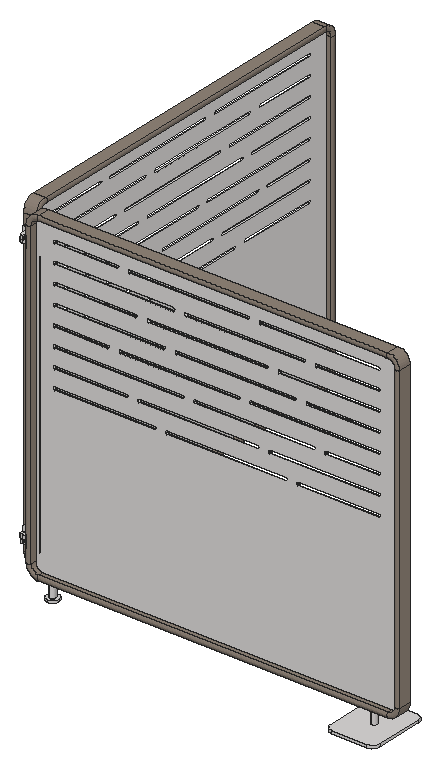
Revit family "Screen-Teknion-ZNFGH_Hinged_Screen-R2019", category Furniture, Revit 2020 (continued)
Definition of nested family "Screen-Teknion-Hinged_Screen(Face based)_2-R2019"
  Definition of nested family "Screen-Teknion-Hinged_Screen_2-R2019"
    Dimensions and locks (in)
      plane 7 "Front" to Sweep 19 sketch curve to Sweep 19 sketch curve = 1.92048" locked, 6.750" locked
      Sweep 20 sketch curve to Sweep 20 sketch curve to Sweep 20 sketch curve to Sweep 20 sketch curve to Sweep 20 sketch curve to Sweep 20 sketch curve to Sweep 20 sketch curve to Sweep 20 sketch curve to Sweep 20 sketch curve to Sweep 20 sketch curve to Sweep 20 sketch curve to Sweep 20 sketch curve to Sweep 20 sketch curve to Sweep 20 sketch curve to Sweep 20 sketch curve to Sweep 20 sketch curve to Sweep 20 sketch curve to Sweep 20 sketch curve to Sweep 20 sketch curve to Sweep 20 sketch curve to Sweep 20 sketch curve to Sweep 20 sketch curve to Sweep 20 sketch curve to Sweep 20 sketch curve to Sweep 20 sketch curve to Sweep 20 sketch curve to Sweep 20 sketch curve to Sweep 20 sketch curve to Sweep 20 sketch curve to Sweep 20 sketch curve to Sweep 20 sketch curve to Sweep 20 sketch curve to Sweep 20 sketch curve to Sweep 20 sketch curve to Sweep 20 sketch curve to Sweep 20 sketch curve to Sweep 20 sketch curve to Sweep 20 sketch curve to Sweep 20 sketch curve to Sweep 20 sketch curve to Sweep 20 sketch curve to Sweep 20 sketch curve to Sweep 20 sketch curve to Sweep 20 sketch curve to Sweep 20 sketch curve to Sweep 20 sketch curve to Sweep 20 sketch curve to Sweep 20 sketch curve = 0.000" locked, 0.000" locked, 0.59055" locked, 0.000" locked, 0.000" locked, 2.42126" locked, 0.000" locked, 0.000" locked, 0.59055" locked, 0.000" locked, 0.000" locked, 2.42126" locked, 0.000" locked, 0.000" locked, 0.59055" locked, 0.000" locked, 0.000" locked, 2.42126" locked, 0.000" locked, 0.000" locked, 0.59055" locked, 0.000" locked, 0.000" locked, 2.42126" locked, 0.000" locked, 0.000" locked, 0.59055" locked, 0.000" locked, 0.000" locked, 2.42126" locked, 0.000" locked, 0.000" locked, 0.59055" locked, 0.000" locked, 0.000" locked, 2.42126" locked, 0.000" locked, 0.000" locked, 0.59055" locked, 0.000" locked, 0.000" locked, 2.42126" locked, 0.000" locked, 0.000" locked, 0.59055" locked, 0.000" locked, 0.000" locked
      plane 7 "Front" to Sweep 20 sketch curve to Sweep 20 sketch curve = 1.87599" locked, 7.000" locked
      locked: Sweep 20 sketch curve to plane 3 "Center Left/Right" at 23.55542
      locked: plane 7 "Front" to plane 9 at 3.85652
      locked: plane 4 "Left" to Sweep 8 sketch curve at 6.94915
      aligned and locked: level to plane 2
      aligned and locked: plane 2 to Sweep 1 sketch curve
      aligned and locked: plane 7 "Front" to Sweep 1 sketch curve
      aligned and locked: plane 2 to Sweep 6 sketch curve
      aligned and locked: Sweep 15 sketch curve to plane 5 "Right"
      aligned and locked: plane 5 "Right" to Masking region 1 sketch curve
      aligned and locked: Masking region 1 sketch curve to Sweep 15
      aligned and locked: Masking region 2 sketch curve to Sweep 9  (x4)
      aligned and locked: Masking region 3 sketch curve to Sweep 11  (x3)
      aligned and locked: Masking region 3 sketch curve to Sweep 14
      aligned and locked: Masking region 4 sketch curve to Sweep 10  (x5)
      aligned and locked: Masking region 4 sketch curve to Sweep 13
      aligned and locked: Sweep 10 to Masking region 4 sketch curve
      aligned and locked: curve 5 to Sweep 4
      aligned and locked: curve 6 to Sweep 4
      aligned and locked: curve 7 to Sweep 4
      aligned and locked: curve 8 to Sweep 4
      aligned and locked: curve 9 to Sweep 6
      aligned and locked: curve 10 to Sweep 6
      aligned and locked: curve 11 to Sweep 5
      aligned and locked: curve 12 to Sweep 5
      aligned and locked: curve 13 to Sweep 7
      aligned and locked: curve 14 to Sweep 7
      aligned and locked: curve 15 to Sweep 3
      aligned and locked: curve 16 to Sweep 3
      aligned and locked: curve 17 to Sweep 3
      aligned and locked: curve 18 to Sweep 3
      aligned and locked: curve 19 to Sweep 2
      aligned and locked: curve 20 to Sweep 2
      aligned and locked: Masking region 5 sketch curve to Sweep 1  (x4)
      aligned and locked: curve 21 to plane 6 "Back"
      aligned and locked: plane 5 "Right" to curve 22
      aligned and locked: curve 23 to plane 4 "Left"
    Automatic sketch dimensions
      Sweep 1 sketch curve to Sweep 1 sketch curve = 1.1811"  (x4)
      Sweep 10 sketch curve to Sweep 10 sketch curve = 0.62448"  (x2)
      Sweep 10 sketch curve to Sweep 10 sketch curve = 0.01745"  (x2)
      Sweep 10 sketch curve to Sweep 10 sketch curve = 0.13967"  (x2)
      Sweep 10 sketch curve to Sweep 10 sketch curve = 0.2765"
      Sweep 10 sketch curve to Sweep 10 sketch curve = 0.07742"
      Sweep 13 sketch curve to Sweep 13 sketch curve = 0.62448"  (x2)
      Sweep 13 sketch curve to Sweep 13 sketch curve = 0.01745"  (x2)
      Sweep 13 sketch curve to Sweep 13 sketch curve = 0.13967"  (x2)
      Sweep 13 sketch curve to Sweep 13 sketch curve = 0.2765"
      Sweep 13 sketch curve to Sweep 13 sketch curve = 0.07742"
      Sweep 15 sketch curve to Sweep 15 sketch curve = 0.01676"
      Sweep 15 sketch curve to Sweep 15 sketch curve = 0.01671"
      Sweep 15 sketch curve to Sweep 15 sketch curve = 0.40711"
      Sweep 15 sketch curve to Sweep 15 sketch curve = 0.41216"
      Masking region 4 sketch curve to Masking region 4 sketch curve = 0.13967"  (x2)
      Masking region 4 sketch curve to Masking region 4 sketch curve = 0.01745"
      Masking region 4 sketch curve to Masking region 4 sketch curve = 0.07742"
      Sweep 16 sketch curve to Sweep 16 sketch curve = 0.000"  (x24)
      profile plane to Sweep 16 sketch curve = 8.66287"
      Sweep 16 sketch curve to Sweep 16 sketch curve = 3.91838"
      Sweep 16 sketch curve to Sweep 16 sketch curve = 2.09055"
      profile plane to Sweep 16 sketch curve = 1.74417"
      Sweep 16 sketch curve to Sweep 16 sketch curve = 1.50003"
      Sweep 16 sketch curve to Sweep 16 sketch curve = 2.0881"
      Sweep 16 sketch curve to Sweep 16 sketch curve = 2.08795"
      Sweep 16 sketch curve to Sweep 16 sketch curve = 2.08768"
      Sweep 16 sketch curve to Sweep 16 sketch curve = 6.9119"
      profile plane to Sweep 17 sketch curve = 31.71897"
      Sweep 17 sketch curve to Sweep 17 sketch curve = 0.000"  (x7)
      Sweep 17 sketch curve to Sweep 17 sketch curve = 2.4152"
      Sweep 17 sketch curve to Sweep 17 sketch curve = 3.9152"
      Sweep 17 sketch curve to Sweep 17 sketch curve = 2.09055"  (x10)
      Sweep 17 sketch curve to Sweep 17 sketch curve = 2.40945"  (x5)
      Sweep 17 sketch curve to Sweep 17 sketch curve = 0.90945"  (x2)
      Sweep 17 sketch curve to Sweep 17 sketch curve = 6.90945"
      profile plane to Sweep 17 sketch curve = 9.80378"
      profile plane to Sweep 17 sketch curve = 2.30378"
      profile plane to Sweep 17 sketch curve = 1.71323"
      profile plane to Sweep 17 sketch curve = 0.21323"
      Sweep 17 sketch curve to profile plane = 2.20197"  (x8)
      Sweep 18 sketch curve to Sweep 18 sketch curve = 0.000"  (x49)
      profile plane to Sweep 18 sketch curve = 37.47331"
      Sweep 18 sketch curve to Sweep 18 sketch curve = 2.4152"  (x2)
      Sweep 18 sketch curve to Sweep 18 sketch curve = 3.9152"
      Sweep 18 sketch curve to Sweep 18 sketch curve = 2.09055"  (x12)
      Sweep 18 sketch curve to Sweep 18 sketch curve = 5.4152"
      Sweep 18 sketch curve to Sweep 18 sketch curve = 2.40945"  (x6)
      Sweep 18 sketch curve to Sweep 18 sketch curve = 1.79528"  (x2)
      Sweep 18 sketch curve to Sweep 18 sketch curve = 0.90945"  (x3)
      Sweep 18 sketch curve to Sweep 18 sketch curve = 6.90945"
      Sweep 18 sketch curve to Sweep 18 sketch curve = 9.90945"
      profile plane to Sweep 18 sketch curve = 3.55811"
      profile plane to Sweep 18 sketch curve = 2.05811"
      profile plane to Sweep 18 sketch curve = 1.46756"
      Sweep 18 sketch curve to profile plane = 0.03244"
      Sweep 18 sketch curve to profile plane = 2.44764"  (x5)
      Sweep 19 sketch curve to Sweep 19 sketch curve = 0.000"  (x47)
      profile plane to Sweep 19 sketch curve = 46.60072"
      Sweep 19 sketch curve to Sweep 19 sketch curve = 5.4152"
      Sweep 19 sketch curve to Sweep 19 sketch curve = 6.9152"
      Sweep 19 sketch curve to Sweep 19 sketch curve = 2.09055"  (x16)
      Sweep 19 sketch curve to Sweep 19 sketch curve = 0.90945"  (x6)
      Sweep 19 sketch curve to Sweep 19 sketch curve = 2.40945"  (x6)
      Sweep 19 sketch curve to Sweep 19 sketch curve = 6.90945"
      Sweep 19 sketch curve to Sweep 19 sketch curve = 9.90945"
      profile plane to Sweep 19 sketch curve = 0.67978"  (x8)
      Sweep 20 sketch curve to Sweep 20 sketch curve = 0.000"  (x47)
      profile plane to Sweep 20 sketch curve = 52.59556"
      Sweep 20 sketch curve to Sweep 20 sketch curve = 8.4152"
      Sweep 20 sketch curve to Sweep 20 sketch curve = 9.9152"
      Sweep 20 sketch curve to Sweep 20 sketch curve = 2.09055"  (x16)
      Sweep 20 sketch curve to Sweep 20 sketch curve = 1.500"
      Sweep 20 sketch curve to Sweep 20 sketch curve = 2.40945"  (x6)
      Sweep 20 sketch curve to Sweep 20 sketch curve = 0.90945"  (x5)
      Sweep 20 sketch curve to Sweep 20 sketch curve = 6.90945"
      Sweep 20 sketch curve to Sweep 20 sketch curve = 9.90945"
      profile plane to Sweep 20 sketch curve = 0.67462"  (x8)
      Sweep 16 sketch curve to profile plane = 0.34521"
      Sweep 16 sketch curve to Sweep 16 sketch curve = 3.00227"
      profile plane to Sweep 16 sketch curve = 3.24449"
      profile plane to Sweep 16 sketch curve = 1.15394"
      profile plane to Sweep 16 sketch curve = 0.24084"
      Sweep 16 sketch curve to profile plane = 1.84606"
      Sweep 16 sketch curve to Sweep 16 sketch curve = 6.90979"
      Sweep 16 sketch curve to Sweep 16 sketch curve = 2.09021"
      Sweep 16 sketch curve to Sweep 16 sketch curve = 2.41214"
      Sweep 16 sketch curve to Sweep 16 sketch curve = 5.41202"
      Sweep 16 sketch curve to Sweep 16 sketch curve = 3.9122"
      plane 5 "Right" to curve 4 = 0.78729"
      curve 16 to curve 3 = 0.71614"
      curve 3 to curve 4 = 0.2435"
      curve 3 to curve 9 = 1.66799"
      plane 9 to curve 24 = 1.1344"
      radius of Sweep 2 sketch curve = 0.500"
      radius of Sweep 5 sketch curve = 0.500"
      radius of Sweep 6 sketch curve = 1.000"
      radius of Sweep 7 sketch curve = 0.37663"
Definition of nested family "Teknion_2D_Node_Family-R2016"
  Reference planes (in)
    plane 1 "Center (Front/Back)": y = 0
    plane 2: z = 0
    plane 3 "Center (Left/Right)": x = 0
  Lines and regions (in)
    detail lines, in view "Ref. Level"
      curve 1: circle (0, 0, 0) r 1.25 normal (0, 0, 1)
      curve 2: line (1.91508, -1.91508, 0) -> (-1.91508, 1.91508, 0)
      curve 3: line (-1.91508, -1.91508, 0) -> (1.91508, 1.91508, 0)
Types (4): name | Slot | Screen 1 Width | Partial Slot Screen 2 | Partial Slot Screen 1 | Model | Description | Default Elevation | Available Angle | Angle | Actual Screen 1 Width | 60" Slot Screen 2 Partial | 60" Slot Screen 1 Partial
  No Slot Screen 1, No Slot Screen 2 | no | 60.000" | no | no | "ZNFGH55NN____" | "No Slot Screen 1, No Slot Screen 2" | 29.36782" | "" | 145.00° | 66.162" | 60.000" | 60.000"
  Partial Slot Screen 1, No Slot Screen 2 | no | 60.000" | no | yes | "ZNFGH55PN____" | "Partial Slot Screen 1, No Slot Screen 2" | 29.36782" | "" | 90.00° | 66.162" | 60.000" | 30.186"
  No Slot Screen 1, Partial Slot Screen 2 | yes | 36.000" | yes | no | "ZNFGH55NP____" | "No Slot Screen 1, Partial Slot Screen 2" | 29.36782" | "" | 90.00° | 42.162" | 30.186" | 60.000"
  Partial Slot Screen 1, Partial Slot Screen 2 | no | 60.000" | yes | yes | "ZNFGH55PP____" | "Partial Slot Screen1, Partial Slot Screen 2" | 17.400" | "The hinged screen can be freely angled between 90°-120°" | 90.00° | 66.162" | 30.186" | 30.186"
